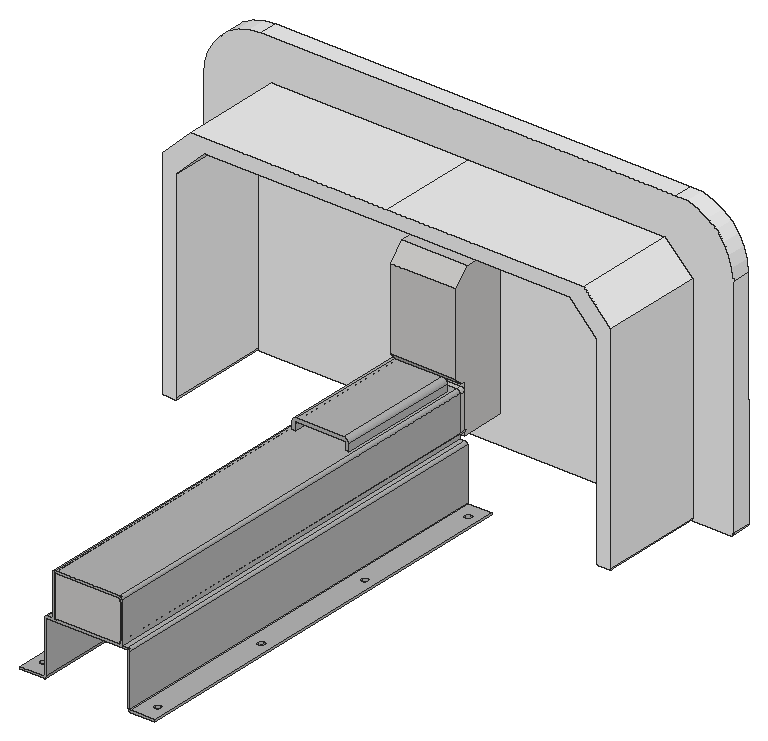
Revit family "Furniture_Office-Desks&Tables_Dandent_DTF46161_Computer-Table", category Furniture, host Face, Revit 2017
Family settings
  Host = Face
  OmniClass Number = 23.40.70.11.14.21
  OmniClass Title = Health Care Furniture
  Cut with Voids When Loaded = No
  Shared = No
  Room Calculation Point = No
Parameters (values of type "Computer table - DTF46161")
  WarrantyStartDate [instance] = "n/a"
  WarrantyGuarantorParts = "n/a"
  WarrantyGuarantorLabor = "n/a"
  WarrantyDurationUnit = "Year"
  WarrantyDurationParts = "n/a"
  WarrantyDurationLabor = "n/a"
  WarrantyDescription = "n/a"
  VersionDate = "12/09/2019"  # constant formula
  Version = "1"  # constant formula
  Uniclass2015Reference = "Pr_40_50_52"
  Uniclass2015Description = "Medical desks, tables and worktops"
  Uniclass2 = "Pr_40_50"
  URL = "https://www.dandent.se/dandent-datormobler/datorbord"
  Type Comments = ""
  TagNumber [instance] = "n/a"
  SustainabilityPerformance = "n/a"
  Style = "n/a"
  Size = "650x380x890 mm"
  Shape = "Sculptured"
  SerialNumber [instance] = "n/a"
  Revision = "n/a"
  ReplacementCost = "n/a"
  ProductInformation = "Wall-mounted height-adjustable computer table. Used in treatment rooms and operating rooms to easily adjust posture to standing or sitting."
  ProductDatasheet = "https://www.dandent.se/images/pdf/Dandent_Datorbord.pdf"
  Product data url = "https://www.bimobject.com/dandent/product/dtf46161"
  NominalLength = 650 mm
  NominalHeight = 887.2 mm
  NominalDepth = 382.301 mm
  Name = "Dandent_DTF46161_Computer-Table"
  NBSReference = "45-35-80/380"
  NBSDescription = "Medical desks, tables and worktops"
  ModelReference = "n/a"
  ModelNumber = "DTF46161"
  Model = "Computer table - DTF46161"
  Material = "Steel, wood, plastic"
  ManufacturerURL = "https://www.dandent.se/"
  ManufacturerName = "Dandent"
  Manufacturer = "Dandent"
  MainColor = "White"
  InstallationDate [instance] = "n/a"
  IfcExportType = "UNDEFINED"  # constant formula
  IfcExportAs = "IfcFurnitureType"  # constant formula
  Grade = "n/a"
  Finish = "Table available in white, birch or beech laminate"
  Features = "Electric raising and lowering"
  ExpectedLife = "n/a"
  DurationUnit = "Year"
  Description = "Wall-mounted height-adjustable computer table. Used in treatment rooms and operating rooms to easily adjust posture to standing or sitting."
  Default Elevation = 0 mm
  ConvergoRefNr = "0151-1909-0011-SE"
  Constituents = "n/a"
  Color = "White"
  CodePerformance = "n/a"
  Category = "Computer furniture"
  Brand = "Dandent"
  Barcode [instance] = "n/a"
  BIMObjectName = "Furniture_Office-Desks&Tables_Dandent_DTF46161_Computer-Table"
  Author = "Convergo AB"  # constant formula
  AssetType = "Fixed"
  AssetIdentifier [instance] = "n/a"
  Assembly Code = ""
  ArmSecondaryMaterial [instance] = White wood
  ArmMainMaterial = White steel
  AccessibilityPerformance = "n/a"
Reference planes
  plane 1 "Center (Front/Back)": y = 0
  plane 2: z = 0
  plane 3 "Center (Left/Right)": x = 0
  plane 4: x = -325
  plane 5: x = 325
  plane 6: y = 443.6
  plane 7: y = -443.6
  plane 8: z = 382.301
Dimensions and locks
  equal spacing: plane 4, plane 3 "Center (Left/Right)", plane 5
  equal spacing: plane 6, plane 1 "Center (Front/Back)", plane 7
  "NominalHeight": plane 6 to plane 7
  "NominalLength": plane 4 to plane 5
  "NominalDepth": plane 8 to level
  aligned and locked: plane 2 to host face
  aligned and locked: level to host face
Automatic sketch dimensions
  host sketch curve to host sketch curve = 2438.4 mm  (x2)
Nested families
  nested 1: "DTF46161 (bredd 650, djup 350)" at (0, 0, 0), Main <- "ArmMainMaterial", TableTop <- "ArmSecondaryMaterial", type "DTF46161 (bredd 650, djup 350)"
    with TableTop White wood, Main White steel
Definition of nested family "DTF46161 (bredd 650, djup 350)"
  Parameters (values of type "DTF46161 (bredd 650, djup 350)")
    TableTop [instance] = none
    Main [instance] = none
    Default Elevation = 1219.2 mm
  Reference planes
    plane 1 "Center (Front/Back)": y = 0
    plane 2: z = 0
    plane 3 "Center (Left/Right)": x = 0
    plane 4: z = 382.301
    plane 5: y = -443.612
    plane 6: x = -325
    plane 7: x = 325
    plane 8: y = 443.6
  Forms (mm)
    Extrusion 1, solid
      sketch origin (0, 0, 0) x (1, 0, 0) y (0, 1, 0)
        loop
          line (-1219.2, 1219.2) -> (-1219.2, -1219.2) -> (1219.2, -1219.2) -> (1219.2, 1219.2) -> (-1219.2, 1219.2)
      from 0 to -304.8
    Extrusion 2, solid, material <- "TableTop", detail levels medium+fine
      sketch origin (0, 0, 0) x (1, 0, 0) y (0, 0, 1)
        loop
          line (-322, 32.301) -> (322, 32.301)
          arc (322, 32.301) -> (324.121, 33.179) -> (325, 35.301) r 3
          line (325, 35.301) -> (325, 312.301)
          arc (325, 312.301) -> (304.497, 361.798) -> (255, 382.301) r 70
          line (255, 382.301) -> (-255, 382.301)
          arc (-255, 382.301) -> (-304.497, 361.798) -> (-325, 312.301) r 70
          line (-325, 312.301) -> (-325, 35.301)
          arc (-325, 35.301) -> (-324.121, 33.179) -> (-322, 32.301) r 3
      from -163.888 to -140.89
    Extrusion 3, solid, detail levels medium+fine
      sketch origin (0, -62.541, -695.576) x (1, 0, 0) y (0, 1, 0)
        loop
          line (-42, 506.141) -> (-52, 506.141)
          arc (-52, 506.141) -> (-55.536, 504.676) -> (-57, 501.141) r 5
          line (-57, 501.141) -> (-57, 491.141)
          arc (-57, 491.141) -> (-50.774, 481.202) -> (-46.295, 470.364) r 69.996
          arc (-46.295, 470.364) -> (-44.482, 467.843) -> (-41.53, 466.879) r 5
          line (-41.53, 466.879) -> (-13, 466.879) -> (-13, 432.379) -> (-13, 429.879) -> (-42.032, 429.879)
          arc (-42.032, 429.879) -> (-44.933, 428.952) -> (-46.757, 426.515) r 5
          arc (-46.757, 426.515) -> (-51.136, 416.435) -> (-57, 407.141) r 71.886
          line (-57, 407.141) -> (-57, 397.141)
          arc (-57, 397.141) -> (-55.536, 393.605) -> (-52, 392.141) r 5
          line (-52, 392.141) -> (-42, 392.141)
          arc (-42, 392.141) -> (-24.961, 401.539) -> (-5.994, 405.883) r 69.999
          arc (-5.994, 405.883) -> (0, 406.141) -> (5.994, 405.883) r 70
          arc (5.994, 405.883) -> (24.961, 401.539) -> (42, 392.141) r 69.999
          line (42, 392.141) -> (52, 392.141)
          arc (52, 392.141) -> (55.536, 393.605) -> (57, 397.141) r 5
          line (57, 397.141) -> (57, 407.141)
          arc (57, 407.141) -> (51.136, 416.435) -> (46.757, 426.515) r 71.886
          arc (46.757, 426.515) -> (44.933, 428.952) -> (42.032, 429.879) r 5
          line (42.032, 429.879) -> (13, 429.879) -> (13, 432.379) -> (13, 466.879) -> (41.53, 466.879)
          arc (41.53, 466.879) -> (44.482, 467.843) -> (46.295, 470.364) r 5
          arc (46.295, 470.364) -> (50.774, 481.202) -> (57, 491.141) r 69.996
          line (57, 491.141) -> (57, 501.141)
          arc (57, 501.141) -> (55.536, 504.676) -> (52, 506.141) r 5
          line (52, 506.141) -> (42, 506.141)
          arc (42, 506.141) -> (22.136, 495.733) -> (0, 492.141) r 69.999
          arc (0, 492.141) -> (-22.136, 495.733) -> (-42, 506.141) r 69.999
        loop
          circle (-49.485, 498.64) r 2.5
        loop
          circle (-36.757, 485.912) r 2.5
        loop
          circle (-49.485, 399.641) r 2.5
        loop
          circle (-36.757, 412.369) r 2.5
        loop
          circle (49.485, 498.64) r 2.5
        loop
          circle (36.757, 485.912) r 2.5
        loop
          circle (49.485, 399.641) r 2.5
        loop
          circle (36.757, 412.369) r 2.5
      from 749.821 to 752.821
    Extrusion 4, solid, detail levels medium+fine
      sketch origin (0, -62.541, -695.576) x (1, 0, 0) y (0, 0, 1)
        loop
          line (-23, 714.299) -> (-20, 714.299) -> (-20, 747.821)
          arc (-20, 747.821) -> (-19.414, 749.235) -> (-18, 749.821) r 2
          line (-18, 749.821) -> (-13, 749.821) -> (-13, 752.821) -> (-18, 752.821)
          arc (-18, 752.821) -> (-21.536, 751.356) -> (-23, 747.821) r 5
          line (-23, 747.821) -> (-23, 714.299)
        loop
          line (23, 714.105) -> (23, 747.821)
          arc (23, 747.821) -> (21.536, 751.356) -> (18, 752.821) r 5
          line (18, 752.821) -> (13, 752.821) -> (13, 749.821) -> (18, 749.821)
          arc (18, 749.821) -> (19.414, 749.235) -> (20, 747.821) r 2
          line (20, 747.821) -> (20, 714.105) -> (23, 714.105)
      from -464.353 to -432.469
    Extrusion 5, solid, detail levels medium+fine
      sketch origin (0, -62.541, -695.576) x (0, 1, 0) y (0, 0, 1)
        loop
          arc (454.545, 717.616) -> (448.379, 738.819) -> (442.213, 717.616) r 11.498
          arc (442.213, 717.616) -> (448.379, 715.823) -> (454.545, 717.616) r 11.498
      from -20 to 20
    Extrusion 6, solid, detail levels medium+fine
      sketch origin (0, 1113.16, -416.634) x (0, 0, 1) y (0, -1, 0)
        loop
          arc (443.275, 672.876) -> (448.395, 662.301) -> (453.464, 672.901) r 6.519
          arc (453.464, 672.901) -> (453.126, 673.523) -> (453.025, 674.223) r 2
          line (453.025, 674.223) -> (454.648, 720.536) -> (442.084, 720.536) -> (443.707, 674.19)
          arc (443.707, 674.19) -> (443.608, 673.495) -> (443.275, 672.876) r 2
      from -63.098 to -52.489
    Extrusion 7, solid, detail levels medium+fine
      sketch origin (0, 1113.16, -416.634) x (0, 0, 1) y (0, -1, 0)
        loop
          arc (455.113, 718.909) -> (448.376, 738.097) -> (441.651, 718.904) r 10.776
          arc (441.651, 718.904) -> (448.383, 716.546) -> (455.113, 718.909) r 10.776
      from -63.098 to -32.6
    Extrusion 8, solid, detail levels medium+fine
      sketch origin (0, -62.541, -695.576) x (0, 1, 0) y (0, 0, 1)
        loop
          circle (448.379, 727.321) r 7.319
      from -32.6 to -23
    Sweep 9, solid, detail levels medium+fine
      path origin (0, -62.541, -695.576) x (0, 1, 0) y (0, 0, 1)
        loop
          line (226.428, 753.321) -> (338.112, 753.321)
          arc (338.112, 753.321) -> (346.487, 752.457) -> (354.508, 749.9) r 41
          line (354.508, 749.9) -> (386.961, 735.741)
          arc (386.961, 735.741) -> (392.634, 733.932) -> (398.558, 733.321) r 29
          line (398.558, 733.321) -> (440.893, 733.321)
      profile origin (0, 219.73, 57.745) x (0, 0, 1) y (1, 0, 0)
        loop
          circle (-6, 0) r 6
    Extrusion 10, solid, material <- "Main", detail levels coarse
      sketch origin (0, 0, 0) x (1, 0, 0) y (0, 1, 0)
        loop
          line (325, 443.6) -> (-325, 443.6) -> (-325, -443.612) -> (325, -443.612) -> (325, 443.6)
      from 0 to 382.301
    Extrusion 11, solid, detail levels medium+fine
      sketch origin (0, 0, 0) x (1, 0, 0) y (0, 0, 1)
        loop
          arc (-275, 34.277) -> (-274.421, 32.879) -> (-273.024, 32.301) r 1.976
          line (-273.024, 32.301) -> (-259.969, 32.301)
          arc (-259.969, 32.301) -> (-258.577, 32.877) -> (-258, 34.269) r 1.969
          line (-258, 34.269) -> (-258, 281.367) -> (-224.067, 315.301) -> (0, 315.301) -> (224.067, 315.301) -> (258, 281.367) -> (258, 34.269)
          arc (258, 34.269) -> (258.577, 32.877) -> (259.969, 32.301) r 1.969
          line (259.969, 32.301) -> (273.024, 32.301)
          arc (273.024, 32.301) -> (274.421, 32.879) -> (275, 34.277) r 1.976
          line (275, 34.277) -> (275, 298.359) -> (241.059, 332.301) -> (0, 332.301) -> (-241.059, 332.301) -> (-275, 298.359) -> (-275, 34.277)
      from -140.89 to -15.888
    Extrusion 12, solid, detail levels medium+fine
      sketch origin (0, 0, 0) x (1, 0, 0) y (0, 0, 1)
        loop
          arc (-52.5, 3.5) -> (-52.793, 2.793) -> (-53.5, 2.5) r 1
          line (-53.5, 2.5) -> (-82.5, 2.5) -> (-82.5, 0) -> (-53.5, 0)
          arc (-53.5, 0) -> (-51.025, 1.025) -> (-50, 3.5) r 3.5
          line (-50, 3.5) -> (-50, 66.457)
          arc (-50, 66.457) -> (-49.695, 67.195) -> (-48.957, 67.5) r 1.043
          line (-48.957, 67.5) -> (48.957, 67.5)
          arc (48.957, 67.5) -> (49.695, 67.195) -> (50, 66.457) r 1.043
          line (50, 66.457) -> (50, 3.5)
          arc (50, 3.5) -> (51.025, 1.025) -> (53.5, 0) r 3.5
          line (53.5, 0) -> (82.5, 0) -> (82.5, 2.5) -> (53.5, 2.5)
          arc (53.5, 2.5) -> (52.793, 2.793) -> (52.5, 3.5) r 1
          line (52.5, 3.5) -> (52.5, 66.533)
          arc (52.5, 66.533) -> (51.485, 68.984) -> (49.033, 70) r 3.467
          line (49.033, 70) -> (42.75, 70) -> (42.75, 120.047)
          arc (42.75, 120.047) -> (41.739, 122.489) -> (39.297, 123.5) r 3.453
          line (39.297, 123.5) -> (-39.297, 123.5)
          arc (-39.297, 123.5) -> (-41.739, 122.489) -> (-42.75, 120.047) r 3.453
          line (-42.75, 120.047) -> (-42.75, 70) -> (-49.033, 70)
          arc (-49.033, 70) -> (-51.485, 68.984) -> (-52.5, 66.533) r 3.467
          line (-52.5, 66.533) -> (-52.5, 3.5)
        loop
          arc (-39.287, 121) -> (-39.968, 120.718) -> (-40.25, 120.037) r 0.963
          line (-40.25, 120.037) -> (-40.25, 70) -> (40.25, 70) -> (40.25, 120.037)
          arc (40.25, 120.037) -> (39.968, 120.718) -> (39.287, 121) r 0.963
          line (39.287, 121) -> (-39.287, 121)
      from -73.474 to 443.612
    Extrusion 13, solid, detail levels medium+fine
      sketch origin (0, 0, 0) x (1, 0, 0) y (0, 0, 1)
        loop
          line (-35, 123.5) -> (-31, 123.5) -> (-31, 131.514)
          arc (-31, 131.514) -> (-30.418, 132.918) -> (-29.014, 133.5) r 1.986
          line (-29.014, 133.5) -> (29, 133.5)
          arc (29, 133.5) -> (30.414, 132.914) -> (31, 131.5) r 2
          line (31, 131.5) -> (31, 123.5) -> (35, 123.5) -> (35, 131.5)
          arc (35, 131.5) -> (33.243, 135.743) -> (29, 137.5) r 6
          line (29, 137.5) -> (-29.038, 137.5)
          arc (-29.038, 137.5) -> (-33.254, 135.754) -> (-35, 131.538) r 5.962
          line (-35, 131.538) -> (-35, 123.5)
      from -63.777 to 86.089
    Extrusion 14, void
      sketch origin (0, 0, 0) x (1, 0, 0) y (0, 1, 0)
        loop
          circle (-70, -105.581) r 3.995
        loop
          circle (-70, -264.582) r 3.995
        loop
          circle (-70, -423.618) r 3.995
        loop
          circle (-70, 53.185) r 3.995
        loop
          circle (70, -105.581) r 3.995
        loop
          circle (70, -264.582) r 3.995
        loop
          circle (70, -423.618) r 3.995
        loop
          circle (70, 53.185) r 3.995
      from -68.247 to 250
    Extrusion 15, solid, detail levels medium+fine
      sketch origin (0, 0, 0) x (1, 0, 0) y (0, 0, 1)
        loop
          line (36.25, 121) -> (-36.25, 121)
          arc (-36.25, 121) -> (-39.079, 119.828) -> (-40.25, 117) r 4
          line (-40.25, 117) -> (-40.25, 74)
          arc (-40.25, 74) -> (-39.079, 71.172) -> (-36.25, 70) r 4
          line (-36.25, 70) -> (36.25, 70)
          arc (36.25, 70) -> (39.078, 71.172) -> (40.25, 74) r 4
          line (40.25, 74) -> (40.25, 117)
          arc (40.25, 117) -> (39.078, 119.828) -> (36.25, 121) r 4
      from -85.842 to 443.612
    Extrusion 16, solid, detail levels medium+fine
      sketch origin (0, 0, 0) x (0, 1, 0) y (0, 0, 1)
        loop
          line (84.343, 67.5) -> (138.888, 67.5) -> (138.888, 252.454) -> (89.026, 252.454) -> (71.348, 234.776) -> (71.348, 134.776) -> (79.343, 126.781) -> (84.343, 126.781) -> (84.343, 67.5)
      from -40.25 to 40.25
  Cuts and joins
    joined: Extrusion 3, Extrusion 4
    joined: Extrusion 6, Extrusion 7
    joined: Extrusion 5, Sweep 9
    Extrusion 14 cuts Extrusion 12
    joined: Extrusion 12, Extrusion 13
  Lines and regions (mm)
    symbolic lines, detail levels medium+fine
      curve 1: line (0, 443.6, 57.245) -> (0, 329.6, 57.245)
      curve 2: line (0, 329.6, 57.245) -> (0, 329.6, 54.245)
      curve 3: line (0, 329.6, 54.245) -> (0, 369.839, 54.245)
      curve 4: line (0, 443.6, 57.245) -> (0, 443.6, 54.245)
      curve 5: line (0, 443.6, 54.245) -> (0, 401.839, 54.245)
      curve 8: line (0, 401.839, 52.245) -> (0, 399.768, 37.509)
      curve 9: line (0, 369.839, 52.245) -> (0, 371.877, 37.745)
      curve 10: arc (0, 397.441, 25.9) -> (0, 385.926, 18.754) -> (0, 374.316, 25.745) r 12.991
      curve 16: arc (0, 432.752, 26.87) -> (0, 443.6, 31.732) -> (0, 432.772, 36.638) r 6.519
      curve 17: arc (0, 432.772, 36.638) -> (0, 432.434, 36.439) -> (0, 432.045, 36.378) r 1.045
      curve 18: arc (0, 432.077, 27.113) -> (0, 432.438, 27.057) -> (0, 432.752, 26.87) r 0.966
      curve 19: line (0, 371.877, 37.745) -> (0, 336.017, 37.745)
      curve 20: line (0, 374.316, 25.745) -> (0, 336.017, 25.745)
      curve 21: line (0, 291.968, 54.324) -> (0, 324.42, 40.165)
      curve 22: line (0, 319.588, 29.18) -> (0, 287.269, 43.315)
      curve 23: line (0, 163.888, 57.745) -> (0, 275.572, 57.745)
      curve 24: line (0, 163.888, 45.745) -> (0, 275.514, 45.745)
      curve 25: arc (0, 336.017, 37.745) -> (0, 330.094, 38.356) -> (0, 324.42, 40.165) r 29
      curve 26: arc (0, 336.017, 25.745) -> (0, 327.625, 26.613) -> (0, 319.588, 29.18) r 41
      curve 27: arc (0, 275.572, 57.745) -> (0, 283.946, 56.881) -> (0, 291.968, 54.324) r 41
      curve 28: arc (0, 275.514, 45.745) -> (0, 281.467, 45.14) -> (0, 287.169, 43.325) r 29
      curve 29: line (0, 161.883, 32.31) -> (0, 142.89, 32.31)
      curve 31: line (0, 161.888, 382.301) -> (0, 142.89, 382.301)
      curve 32: line (0, 163.888, 380.301) -> (0, 163.888, 57.745)
      curve 33: arc (0, 163.888, 34.315) -> (0, 163.3, 32.897) -> (0, 161.883, 32.31) r 2.005
      curve 34: arc (0, 142.89, 32.31) -> (0, 141.476, 32.896) -> (0, 140.89, 34.31) r 2
      curve 35: arc (0, 163.888, 380.301) -> (0, 163.302, 381.715) -> (0, 161.888, 382.301) r 2
      curve 36: arc (0, 142.89, 382.301) -> (0, 141.476, 381.715) -> (0, 140.89, 380.301) r 2
      curve 37: line (0, 401.839, 54.245) -> (0, 401.839, 52.245)
      curve 38: line (0, 369.839, 54.245) -> (0, 369.839, 52.245)
      curve 43: arc (-42, 443.6, 0) -> (-22.136, 433.192, 0) -> (0, 429.6, 0) r 69.999
      curve 44: line (-42, 443.6, 0) -> (-52, 443.6, 0)
      curve 45: line (-57, 428.6, 0) -> (-57, 438.6, 0)
      curve 46: arc (-57, 438.6, 0) -> (-55.536, 442.136, 0) -> (-52, 443.6, 0) r 5
      curve 47: line (-41.53, 404.339, 0) -> (-13, 404.339, 0)
      curve 48: arc (-57, 428.6, 0) -> (-50.774, 418.662, 0) -> (-46.295, 407.823, 0) r 69.996
      curve 49: arc (-46.295, 407.823, 0) -> (-44.482, 405.303, 0) -> (-41.53, 404.339, 0) r 5
      curve 52: line (-13, 404.339, 0) -> (-13, 401.839, 0)
      curve 53: line (-13, 401.839, 0) -> (-23, 401.839, 0)
      curve 54: line (-23, 401.839, 0) -> (-23, 393.839, 0)
      curve 55: line (-23, 369.839, 0) -> (-13, 369.839, 0)
      curve 56: line (-13, 369.839, 0) -> (-13, 367.339, 0)
      curve 57: line (-23, 393.839, 0) -> (-24.6, 393.839, 0)
      curve 58: line (-24.6, 393.839, 0) -> (-24.6, 393.089, 0)
      curve 59: line (-24.6, 377.839, 0) -> (-23, 377.839, 0)
      curve 60: line (-32.6, 378.589, 0) -> (-24.6, 378.589, 0)
      curve 61: line (-32.6, 393.089, 0) -> (-24.6, 393.089, 0)
      curve 62: line (-47.113, 397.339, 0) -> (-33.899, 397.339, 0)
      curve 63: line (-32.6, 375.639, 0) -> (-32.6, 378.589, 0)
      curve 64: arc (-32.6, 396.04, 0) -> (-32.98, 396.959, 0) -> (-33.899, 397.339, 0) r 1.299
      curve 65: line (-47.113, 374.339, 0) -> (-33.9, 374.339, 0)
      curve 66: arc (-33.9, 374.339, 0) -> (-32.981, 374.72, 0) -> (-32.6, 375.639, 0) r 1.3
      curve 67: line (-47.113, 374.339, 0) -> (-60.448, 375.038, 0)
      curve 68: line (-47.113, 397.339, 0) -> (-60.438, 396.641, 0)
      curve 69: line (-61.693, 395.318, 0) -> (-61.693, 376.35, 0)
      curve 70: arc (-61.693, 376.35, 0) -> (-61.332, 375.446, 0) -> (-60.448, 375.038, 0) r 1.314
      curve 71: arc (-60.438, 396.641, 0) -> (-61.33, 396.23, 0) -> (-61.693, 395.318, 0) r 1.324
      curve 72: arc (-42, 329.6, 0) -> (-24.961, 338.998, 0) -> (-5.994, 343.343, 0) r 69.999
      curve 73: line (-42, 329.6, 0) -> (-52, 329.6, 0)
      curve 74: line (-57, 344.6, 0) -> (-57, 334.6, 0)
      curve 75: arc (-57, 334.6, 0) -> (-55.536, 331.065, 0) -> (-52, 329.6, 0) r 5
      curve 76: line (-42.032, 367.339, 0) -> (-13, 367.339, 0)
      curve 79: arc (-57, 344.6, 0) -> (-51.136, 353.895, 0) -> (-46.757, 363.975, 0) r 71.886
      curve 80: arc (-46.757, 363.975, 0) -> (-44.933, 366.412, 0) -> (-42.032, 367.339, 0) r 5
      curve 81: line (-5.994, 343.343, 0) -> (-5.994, 163.888, 0)
      curve 83: line (-325, 161.935, 0) -> (-325, 142.844, 0)
      curve 84: arc (-323.047, 163.888, 0) -> (-324.428, 163.316, 0) -> (-325, 161.935, 0) r 1.953
      curve 85: arc (-325, 142.844, 0) -> (-324.428, 141.462, 0) -> (-323.046, 140.89, 0) r 1.954
      curve 87: line (-5.994, 163.888, 0) -> (-323.047, 163.888, 0)
      curve 90: line (-32.6, 393.089, 0) -> (-32.6, 396.04, 0)
      curve 92: line (-24.6, 378.589, 0) -> (-24.6, 377.839, 0)
      curve 93: line (-23, 377.839, 0) -> (-23, 369.839, 0)
      curve 95: arc (42, 443.6, 0) -> (22.136, 433.192, 0) -> (0, 429.6, 0) r 69.999
      curve 96: line (42, 443.6, 0) -> (52, 443.6, 0)
      curve 97: line (57, 428.6, 0) -> (57, 438.6, 0)
      curve 98: arc (57, 438.6, 0) -> (55.536, 442.136, 0) -> (52, 443.6, 0) r 5
      curve 99: line (41.53, 404.339, 0) -> (13, 404.339, 0)
      curve 100: arc (57, 428.6, 0) -> (50.774, 418.662, 0) -> (46.295, 407.823, 0) r 69.996
      curve 101: arc (46.295, 407.823, 0) -> (44.482, 405.303, 0) -> (41.53, 404.339, 0) r 5
      curve 104: line (13, 404.339, 0) -> (13, 401.839, 0)
      curve 105: line (13, 401.839, 0) -> (23, 401.839, 0)
      curve 106: line (23, 401.839, 0) -> (23, 396.839, 0)
      curve 107: line (23, 369.839, 0) -> (13, 369.839, 0)
      curve 108: line (13, 369.839, 0) -> (13, 367.339, 0)
      curve 109: line (23, 396.839, 0) -> (25, 396.839, 0)
      curve 110: line (25, 374.839, 0) -> (23, 374.839, 0)
      curve 111: arc (42, 329.6, 0) -> (24.961, 338.998, 0) -> (5.994, 343.343, 0) r 69.999
      curve 112: line (42, 329.6, 0) -> (52, 329.6, 0)
      curve 113: line (57, 344.6, 0) -> (57, 334.6, 0)
      curve 114: arc (57, 334.6, 0) -> (55.536, 331.065, 0) -> (52, 329.6, 0) r 5
      curve 115: line (42.032, 367.339, 0) -> (13, 367.339, 0)
      curve 118: arc (57, 344.6, 0) -> (51.136, 353.895, 0) -> (46.757, 363.975, 0) r 71.886
      curve 119: arc (46.757, 363.975, 0) -> (44.933, 366.412, 0) -> (42.032, 367.339, 0) r 5
      curve 120: line (5.994, 343.343, 0) -> (5.994, 163.888, 0)
      curve 122: line (325, 161.935, 0) -> (325, 142.844, 0)
      curve 123: arc (323.047, 163.888, 0) -> (324.428, 163.316, 0) -> (325, 161.935, 0) r 1.953
      curve 124: arc (325, 142.844, 0) -> (324.428, 141.462, 0) -> (323.046, 140.89, 0) r 1.954
      curve 126: line (5.994, 163.888, 0) -> (323.047, 163.888, 0)
      curve 128: line (23, 374.839, 0) -> (23, 369.839, 0)
      curve 131: arc (25, 375.164, 0) -> (28.949, 385.668, 0) -> (25, 396.172, 0) r 15.946
      curve 135: line (23, 0, 18.761) -> (20, 0, 18.761)
      curve 136: line (23, 0, 18.761) -> (23, 0, 20.759)
      curve 138: line (20, 0, 18.761) -> (20, 0, 20.745)
      curve 142: line (25, 0, 20.759) -> (23, 0, 20.759)
      curve 145: line (0, 0, 20.745) -> (20, 0, 20.745)
      curve 150: line (-23, 0, 18.761) -> (-20, 0, 18.761)
      curve 151: line (-23, 0, 18.761) -> (-23, 0, 23.755)
      curve 153: line (-20, 0, 18.761) -> (-20, 0, 20.745)
      curve 156: line (0, 0, 20.745) -> (-20, 0, 20.745)
      curve 161: line (-33.871, 0, 20.245) -> (-50, 0, 20.245)
      curve 162: arc (-32.6, 0, 21.516) -> (-32.972, 0, 20.617) -> (-33.871, 0, 20.245) r 1.271
      curve 165: line (-32.6, 0, 24.519) -> (-30, 0, 24.519)
      curve 169: line (-24.6, 0, 23.755) -> (-23, 0, 23.755)
      curve 170: line (-61.68, 0, 32.301) -> (-61.68, 0, 21.745)
      curve 171: line (-30, 0, 24.519) -> (-24.6, 0, 24.519)
      curve 172: line (-32.6, 0, 24.519) -> (-32.6, 0, 21.516)
      curve 173: line (-274.99, 140.89, 0) -> (-274.99, 17.517, 0)
      curve 174: line (-273.362, 15.888, 0) -> (-82.5, 15.888, 0)
      curve 175: arc (-274.99, 17.517, 0) -> (-274.513, 16.365, 0) -> (-273.362, 15.888, 0) r 1.629
      curve 176: line (275, 140.89, 0) -> (275, 17.488, 0)
      curve 177: arc (273.4, 15.888, 0) -> (274.531, 16.356, 0) -> (275, 17.488, 0) r 1.6
      curve 183: line (-77.5, -443.612, 0) -> (77.5, -443.612, 0)
      curve 184: line (-82.5, -438.612, 0) -> (-82.5, 15.888, 0)
      curve 185: arc (-82.5, -438.612, 0) -> (-81.036, -442.148, 0) -> (-77.5, -443.612, 0) r 5
      curve 186: line (82.5, -438.612, 0) -> (82.5, 15.888, 0)
      curve 187: arc (82.5, -438.612, 0) -> (81.036, -442.148, 0) -> (77.5, -443.612, 0) r 5
      curve 198: line (-274.99, 140.89, 0) -> (-323.046, 140.89, 0)
      curve 199: line (275, 140.89, 0) -> (323.046, 140.89, 0)
      curve 201: line (82.5, 15.888, 0) -> (273.4, 15.888, 0)
      curve 202: line (0, 140.89, 332.301) -> (0, 17.888, 332.301)
      curve 203: line (0, 15.888, 330.301) -> (0, 15.888, 137.5)
      curve 205: line (0, 140.89, 34.31) -> (0, 140.89, 31.745)
      curve 206: line (0, 140.89, 31.745) -> (0, 138.885, 31.745)
      curve 207: line (0, 138.885, 31.745) -> (0, 138.885, 32.301)
      curve 210: arc (0, 17.888, 332.301) -> (0, 16.473, 331.715) -> (0, 15.888, 330.301) r 2
      curve 211: line (0, 73.388, 32.301) -> (0, 73.388, 0)
      curve 212: line (0, 73.388, 0) -> (0, -443.612, 0)
      curve 213: line (0, -443.612, 0) -> (0, -443.612, 123.5)
      curve 214: line (0, -443.612, 123.5) -> (0, -86.113, 123.5)
      curve 215: line (0, -86.113, 123.5) -> (0, -86.113, 137.5)
      curve 216: line (0, -86.113, 137.5) -> (0, -69.102, 137.5)
      curve 217: line (0, -53.123, 139.1) -> (0, -53.123, 137.5)
      curve 218: line (0, -53.123, 139.1) -> (0, -54.112, 139.1)
      curve 219: line (0, -69.102, 139.1) -> (0, -69.102, 137.5)
      curve 220: spline (0, -54.112, 139.1) -> (0, -54.134, 139.528) -> (0, -54.2, 139.954) -> (0, -54.31, 140.374) -> (0, -54.462, 140.786) -> (0, -54.656, 141.187) -> (0, -54.891, 141.575) -> (0, -55.165, 141.948) -> (0, -55.476, 142.303) -> (0, -55.823, 142.637) -> (0, -56.203, 142.95) -> (0, -56.614, 143.238) -> (0, -57.053, 143.5)
      curve 221: line (0, -57.053, 143.5) -> (0, -65.171, 143.5)
      curve 222: spline (0, -65.171, 143.5) -> (0, -65.611, 143.238) -> (0, -66.022, 142.95) -> (0, -66.402, 142.637) -> (0, -66.749, 142.303) -> (0, -67.06, 141.948) -> (0, -67.334, 141.575) -> (0, -67.569, 141.187) -> (0, -67.763, 140.786) -> (0, -67.915, 140.374) -> (0, -68.024, 139.954) -> (0, -68.09, 139.528) -> (0, -68.112, 139.1)
      curve 223: line (0, -53.123, 137.5) -> (0, 15.888, 137.5)
      curve 225: line (0, -68.112, 139.1) -> (0, -69.102, 139.1)
      curve 229: line (0, 140.89, 332.301) -> (0, 140.89, 380.301)
      curve 231: line (0, 73.388, 32.301) -> (0, 138.885, 32.301)
      curve 232: line (0, 163.888, 45.745) -> (0, 163.888, 34.315)
      curve 234: line (0, 399.768, 37.509) -> (0, 432.045, 36.378)
      curve 235: line (0, 397.441, 25.9) -> (0, 432.077, 27.113)
      curve 237: arc (-60.18, 0, 20.245) -> (-61.24, 0, 20.684) -> (-61.68, 0, 21.745) r 1.5
      curve 238: line (255, 0, 382.301) -> (-255, 0, 382.301)
      curve 239: line (325, 0, 312.301) -> (325, 0, 34.306)
      curve 240: line (-325, 0, 312.301) -> (-325, 0, 34.286)
      curve 241: line (322.995, 0, 32.301) -> (52.5, 0, 32.301)
      curve 242: line (-61.68, 0, 32.301) -> (-323.015, 0, 32.301)
      curve 243: arc (325, 0, 312.301) -> (304.497, 0, 361.798) -> (255, 0, 382.301) r 70
      curve 244: arc (-255, 0, 382.301) -> (-304.497, 0, 361.798) -> (-325, 0, 312.301) r 70
      curve 245: arc (325, 0, 34.306) -> (324.413, 0, 32.888) -> (322.995, 0, 32.301) r 2.005
      curve 246: arc (-323.015, 0, 32.301) -> (-324.419, 0, 32.882) -> (-325, 0, 34.286) r 1.985
      curve 247: line (52.5, 0, 3.484) -> (52.5, 0, 32.301)
      curve 248: line (50, 0, 3.472) -> (50, 0, 32.301)
      curve 249: line (53.484, 0, 2.5) -> (82.5, 0, 2.5)
      curve 250: line (53.472, 0, 0) -> (77.5, 0, 0)
      curve 251: line (-50, 0, 3.5) -> (-50, 0, 20.245)
      curve 252: line (-52.5, 0, 3.5) -> (-52.5, 0, 20.245)
      curve 253: line (-53.5, 0, 2.5) -> (-82.5, 0, 2.5)
      curve 254: line (82.5, 0, 0) -> (53.472, 0, 0)
      curve 255: arc (52.5, 0, 3.484) -> (52.788, 0, 2.788) -> (53.484, 0, 2.5) r 0.984
      curve 256: arc (53.472, 0, 0) -> (51.017, 0, 1.017) -> (50, 0, 3.472) r 3.472
      curve 257: line (82.5, 0, 2.5) -> (82.5, 0, 0)
      curve 258: line (-53.5, 0, 0) -> (-82.5, 0, 0)
      curve 259: arc (-50, 0, 3.5) -> (-51.025, 0, 1.025) -> (-53.5, 0, 0) r 3.5
      curve 260: arc (-52.5, 0, 3.5) -> (-52.793, 0, 2.793) -> (-53.5, 0, 2.5) r 1
      curve 261: line (-82.5, 0, 2.5) -> (-82.5, 0, 0)
      curve 263: line (50, 0, 32.301) -> (28.992, 0, 32.301)
      curve 265: line (-52.5, 0, 20.245) -> (-60.18, 0, 20.245)
      curve 266: arc (28.992, 0, 32.301) -> (28.062, 0, 26.161) -> (25, 0, 20.759) r 17.083
      curve 271: line (-24.6, 0, 24.519) -> (-24.6, 0, 23.755)
      curve 272: arc (0, 395.756, 37.65) -> (0, 395.1, 37.827) -> (0, 394.589, 38.275) r 1.5
    symbolic lines, detail levels fine
      curve 6: line (0, 401.839, 57.245) -> (0, 401.839, 54.245)
      curve 7: line (0, 369.839, 57.245) -> (0, 369.839, 54.245)
      curve 11: arc (0, 395.704, 37.651) -> (0, 374.341, 31.745) -> (0, 395.704, 25.839) r 11.498
      curve 12: arc (0, 394.589, 38.275) -> (0, 375.058, 32.283) -> (0, 394.247, 25.271) r 10.776
      curve 13: circle (0, 385.839, 31.745) r 7.757 normal (1, 0, 0)
      curve 14: circle (0, 385.839, 31.745) r 7.319 normal (1, 0, 0)
      curve 15: arc (0, 394.247, 25.271) -> (0, 394.739, 25.67) -> (0, 395.353, 25.827) r 1.483
      curve 30: line (0, 140.89, 34.31) -> (0, 140.89, 58.172)
      curve 39: line (0, 371.877, 37.745) -> (0, 372.974, 29.937)
      curve 40: line (0, 395.756, 37.65) -> (0, 399.768, 37.509)
      curve 41: line (0, 395.353, 25.827) -> (0, 397.441, 25.9)
      curve 42: line (0, 140.89, 58.172) -> (0, 140.89, 332.301)
      curve 50: circle (-36.757, 423.371, 0) r 2.5 normal (0, 0, 1)
      curve 51: circle (-49.485, 436.099, 0) r 2.5 normal (0, 0, 1)
      curve 77: circle (-36.757, 349.829, 0) r 2.5 normal (0, 0, -1)
      curve 78: circle (-49.485, 337.101, 0) r 2.5 normal (0, 0, -1)
      curve 82: line (0, 163.888, 0) -> (-5.994, 163.888, 0)
      curve 86: line (2.782, 140.89, 0) -> (-274.99, 140.89, 0)
      curve 88: arc (-5.994, 343.343, 0) -> (-3, 343.536, 0) -> (0, 343.6, 0) r 69.999
      curve 89: line (-32.6, 378.589, 0) -> (-32.6, 393.089, 0)
      curve 91: line (-24.6, 393.089, 0) -> (-24.6, 378.589, 0)
      curve 94: line (-23, 393.839, 0) -> (-23, 377.839, 0)
      curve 102: circle (36.757, 423.371, 0) r 2.5 normal (0, 0, -1)
      curve 103: circle (49.485, 436.099, 0) r 2.5 normal (0, 0, -1)
      curve 116: circle (36.757, 349.829, 0) r 2.5 normal (0, 0, 1)
      curve 117: circle (49.485, 337.101, 0) r 2.5 normal (0, 0, 1)
      curve 121: line (0, 163.888, 0) -> (5.994, 163.888, 0)
      curve 125: line (2.782, 140.89, 0) -> (275, 140.89, 0)
      curve 127: arc (5.994, 343.343, 0) -> (3, 343.536, 0) -> (0, 343.6, 0) r 69.999
      curve 129: line (23, 396.839, 0) -> (23, 374.839, 0)
      curve 130: line (25, 374.839, 0) -> (25, 396.839, 0)
      curve 132: line (57, 0, 57.245) -> (0, 0, 57.245)
      curve 133: line (57, 0, 54.245) -> (57, 0, 57.245)
      curve 134: line (0, 0, 54.245) -> (57, 0, 54.245)
      curve 137: arc (23, 0, 52.245) -> (22.904, 0, 53.263) -> (22.619, 0, 54.245) r 5.445
      curve 139: arc (20, 0, 52.245) -> (19.454, 0, 53.62) -> (18.113, 0, 54.245) r 2.003
      curve 140: arc (25, 0, 42.731) -> (27.872, 0, 37.851) -> (28.992, 0, 32.301) r 17.083
      curve 141: line (25, 0, 42.731) -> (25, 0, 20.759)
      curve 143: line (25, 0, 42.731) -> (23, 0, 42.731)
      curve 144: line (0, 0, 42.745) -> (20, 0, 42.745)
      curve 146: line (6.052, 0, 42.745) -> (6.052, 0, 54.245)
      curve 147: line (-57, 0, 57.245) -> (0, 0, 57.245)
      curve 148: line (-57, 0, 54.245) -> (-57, 0, 57.245)
      curve 149: line (0, 0, 54.245) -> (-57, 0, 54.245)
      curve 152: arc (-23, 0, 52.245) -> (-22.904, 0, 53.263) -> (-22.619, 0, 54.245) r 5.445
      curve 154: arc (-20, 0, 52.245) -> (-19.454, 0, 53.62) -> (-18.113, 0, 54.245) r 2.003
      curve 155: line (0, 0, 42.745) -> (-20, 0, 42.745)
      curve 157: line (-6.052, 0, 42.745) -> (-6.052, 0, 54.245)
      curve 158: line (-32.6, 0, 41.939) -> (-32.6, 0, 24.519)
      curve 159: line (-33.9, 0, 43.239) -> (-60.38, 0, 43.239)
      curve 160: line (-61.68, 0, 41.939) -> (-61.68, 0, 32.301)
      curve 163: arc (-60.38, 0, 43.239) -> (-61.299, 0, 42.858) -> (-61.68, 0, 41.939) r 1.3
      curve 164: arc (-32.6, 0, 41.939) -> (-32.981, 0, 42.858) -> (-33.9, 0, 43.239) r 1.3
      curve 166: line (-32.6, 0, 39.036) -> (-24.6, 0, 39.036)
      curve 167: line (-24.6, 0, 39.735) -> (-24.6, 0, 24.519)
      curve 168: line (-24.6, 0, 39.735) -> (-23, 0, 39.735)
      curve 178: line (-35, -86.112, 0) -> (35, -86.112, 0)
      curve 179: line (-35, -86.112, 0) -> (-35, 15.888, 0)
      curve 180: line (35, -86.112, 0) -> (35, 15.888, 0)
      curve 181: circle (0, -61.112, 0) r 8.031 normal (0, 0, 1)
      curve 182: circle (0, -61.112, 0) r 7.006 normal (0, 0, 1)
      curve 188: line (-42.75, -443.612, 0) -> (-42.75, 15.888, 0)
      curve 189: line (42.75, -443.612, 0) -> (42.75, 15.888, 0)
      curve 190: line (-53.5, -443.612, 0) -> (-53.5, 15.888, 0)
      curve 191: line (53.5, -443.612, 0) -> (53.5, 15.888, 0)
      curve 192: circle (-70, -105.581, 0) r 3.995 normal (0, 0, 1)
      curve 193: circle (-70, -264.582, 0) r 3.995 normal (0, 0, 1)
      curve 194: circle (-70, -423.618, 0) r 3.995 normal (0, 0, 1)
      curve 195: circle (70, -105.581, 0) r 3.995 normal (0, 0, -1)
      curve 196: circle (70, -264.582, 0) r 3.995 normal (0, 0, -1)
      curve 197: circle (70, -423.618, 0) r 3.995 normal (0, 0, -1)
      curve 200: line (-82.5, 15.888, 0) -> (82.5, 15.888, 0)
      curve 204: line (0, 17.889, 32.301) -> (0, 73.388, 32.301)
      curve 208: arc (0, 138.885, 32.301) -> (0, 140.305, 32.889) -> (0, 140.89, 34.31) r 2.005
      curve 209: arc (0, 15.888, 34.302) -> (0, 16.474, 32.887) -> (0, 17.889, 32.301) r 2.002
      curve 224: line (0, -54.112, 139.1) -> (0, -68.112, 139.1)
      curve 226: line (0, -69.102, 137.5) -> (0, -53.123, 137.5)
      curve 227: line (0, -86.113, 123.5) -> (0, 15.888, 123.5)
      curve 228: line (0, -443.612, 70) -> (0, 15.888, 70)
      curve 230: line (0, 15.888, 137.5) -> (0, 15.888, 34.302)
      curve 233: line (0, 163.888, 57.745) -> (0, 163.888, 45.745)
      curve 236: arc (0, 374.316, 25.745) -> (0, 379.916, 43.308) -> (0, 397.441, 37.59) r 12.991
      curve 262: line (52.5, 0, 32.301) -> (50, 0, 32.301)
      curve 264: line (-50, 0, 20.245) -> (-52.5, 0, 20.245)
      curve 267: line (23, 0, 20.759) -> (23, 0, 52.245)
      curve 268: line (20, 0, 20.745) -> (20, 0, 52.245)
      curve 269: line (-20, 0, 20.745) -> (-20, 0, 52.245)
      curve 270: line (-23, 0, 23.755) -> (-23, 0, 52.245)
  Dimensions and locks
    aligned and locked: plane 2 to Extrusion 1
    aligned and locked: level to Extrusion 1
